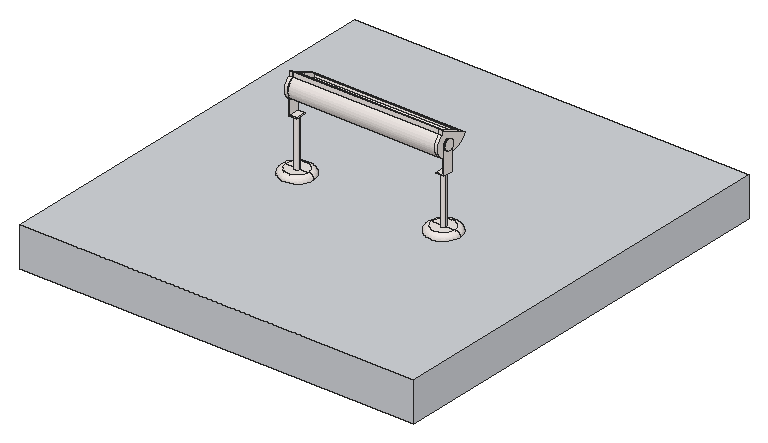
Revit family
Parameters
  Wiring Access Diameter = 0' - 0"
  Wattage Comments = "Wattage"
  Wattage = 16 W
  built-in parameter 1150110 = 1 (stored number, unit not read)
  Voltage = "Voltage"
  URL = "http://www.cooperlighting.com/"
  Supply Voltage = 0 V
  Series = "Series"
  Rotation Angle = 45.00°
  Options = Options : 45 Degree Cross Blade Louver
  Number of Poles = 1
  No of Circuits = 0
  Model = "Model"
  Light Angle [instance] = -(Angle + 90.00°) - 10.00°  # -55.00°
  Length = 2' - 0"
  Lamp = "Lamp"
  Housing Type = "Aluminum"  # constant formula
  Emit from Line Length = 2' - 0"
  Electrical Connector Description = ""
  Distribution = ""
  Diffusers/Shielding = ""
  Description = "Description"
  built-in parameter 1114217 = 1 (stored number, unit not read)
  Total Input Wattage = 0 W
  Tilt Angle = Rotation Angle  # 45.00°
  built-in parameter 1150109 = 1 (stored number, unit not read)
  built-in parameter 1150134 = 3
  built-in parameter 1150113 = 1 (stored number, unit not read)
  Shipping Weight = 0 lbf
  Product Page URL = ""
  Product Documentation Link = ""
  Power Factor = 0
  Photometric Web File = "File"
  Packaging = "Unit Pack"
  Manufacturer = "Cooper Industries, Inc."  # constant formula
  built-in parameter 1150105 = 189.13 (stored number, unit not read)
  Lumens = 2376.67 lm
  built-in parameter 1150115 = 1 (stored number, unit not read)
  built-in parameter 1150137 = (empty or 0)
  built-in parameter 1150139 = (empty or 0)
  Light Bulb Material = Metal - Cooper Industries - Aluminum - White
  built-in parameter 1150112 = 1 (stored number, unit not read)
  Lamp Quantity = 1
  built-in parameter 1150114 = 1 (stored number, unit not read)
  built-in parameter 1150132 = (empty or 0)
  built-in parameter 1150102 = (empty or 0)
  built-in parameter 1150107 = 3200 (stored number, unit not read)
  built-in parameter 1150138 = (empty or 0)
  built-in parameter 1150106 = 1.8913 (stored number, unit not read)
  Has Biaxial Bulb = yes
  Frame Material = Metal - Cooper Industries - Steel - White
  Efficiency = ""
  built-in parameter 1150104 = 13.8 (stored number, unit not read)
  Dimming Lamp Color Temperature Shift = (empty or 0)
  Diffuser Material = Metal - Cooper Industries - Aluminum - White
  Default Elevation = 0' - 0"
  Copyright © = "© 2000-2010 Cooper Industries, Inc."  # constant formula
  Color Filter = 16777215
  Catalog Number = ""
  Bulb Biaxial Angle = 0.00°
  Ballast Voltage = Supply Voltage  # 0 V
  Ballast Type = ""
  Ballast Quantity = 0
  built-in parameter 1114218 = 1 (stored number, unit not read)
  Ballast Configuration = ""
  built-in parameter 1150133 = 10 (stored number, unit not read)
  Assembly Code = "D5020210"
  Apparent Load = Total Input Wattage  # 0 VA
  Angle [instance] = Rotation Angle - 90.00°  # -45.00°
  Adjst. Knuckle Ht. – See Spec [instance] = 1' - 0"
Reference planes (in)
  plane 1 "Center (Front/Back)": y = 0
  plane 2 "Host Face": z = 0
  plane 3 "Center (Left/Right)": x = 0
  plane 4: x = -12
  plane 5: x = 12
  plane 6: z = 8
  plane 7: x = -11.125
  plane 8: x = 11.125
  plane 9: z = 0.75
  plane 10: z = 12
  plane 11: y = 2.5
  plane 12: y = -2.5
Forms (in)
  Extrusion 1, solid
    sketch origin (0, 0, 0) x (1, 0, 0) y (0, 1, 0)
      loop
        line (-29, 33.25) -> (-29, -30.23967) -> (30.86026, -30.23967) -> (30.86026, 33.25) -> (-29, 33.25)
    from 0 to -6
  Revolve 2, solid, material "Metal - Cooper Industries - Steel - White" <- "Frame Material"
    sketch origin (0, 0, 0) x (1, 0, 0) y (0, 0, 1)
      loop
        line (-11.125, 0) -> (-11.125, 0.75) -> (-12.875, 0.75)
        arc (-12.875, 0.75) -> (-13.40533, 0.53033) -> (-13.625, 0) r 0.75
        line (-13.625, 0) -> (-11.125, 0)
      axis (-11.125, 0.75) -> (-11.125, 0)
    angle from 0 to 360
  Revolve 3, solid, material "Metal - Cooper Industries - Steel - White" <- "Frame Material"
    sketch origin (0, 0, 0) x (-1, 0, 0) y (0, 0, 1)
      loop
        line (-11.125, 0) -> (-11.125, 0.75) -> (-12.875, 0.75)
        arc (-12.875, 0.75) -> (-13.40533, 0.53033) -> (-13.625, 0) r 0.75
        line (-13.625, 0) -> (-11.125, 0)
      axis (-11.125, 0.75) -> (-11.125, 0)
    angle from 0 to 360
  Extrusion 4, solid, material "Metal - Cooper Industries - Steel - White" <- "Frame Material"
    sketch origin (0, 0, 0) x (1, 0, 0) y (0, 1, 0)
      loop
        circle (-11.125, 0) r 0.375
      loop
        circle (11.125, 0) r 0.375
    from 0.75 to 8
Lines and regions (in)
  Masking region 1
    outline origin (0, 0, 0) x (1, 0, 0) y (0, 1, 0)
      loop
        line (-12, -2.5) -> (12, -2.5) -> (12, 2.5) -> (-12, 2.5) -> (-12, -2.5)
  symbolic lines
    curve 1: line (-12, -2.5, 0) -> (12, -2.5, 0)
    curve 2: line (-12, 2.5, 0) -> (-12, -2.5, 0)
    curve 3: line (12, 2.5, 0) -> (-12, 2.5, 0)
    curve 4: line (12, -2.5, 0) -> (12, 2.5, 0)
Dimensions and locks (in)
  "Length": plane 4 to plane 5
  equal spacing: plane 4, plane 3 "Center (Left/Right)", plane 5
  locked: plane 4 to plane 7 at 0.875
  locked: plane 8 to plane 5 at 0.875
  plane 9 to Extrusion 1 = 0' - 0 3/4"
  locked: plane 10 to plane 6 at 4
  "Adjst. Knuckle Ht. – See Spec": plane 10 to plane 2 "Host Face"
  plane 11 to plane 1 "Center (Front/Back)" to plane 12 = 0' - 2 1/2" locked, 0' - 2 1/2" locked
  aligned and locked: plane 2 "Host Face" to Extrusion 1
  aligned and locked: level to Extrusion 1
  aligned: imposter light to plane 1 "Center (Front/Back)"
  aligned: imposter light to plane 3 "Center (Left/Right)"  (x3)
  aligned and locked: Revolve 2 sketch curve to plane 7  (x2)
  aligned and locked: Revolve 2 sketch curve to plane 9
  aligned and locked: Extrusion 1 to Revolve 2 sketch curve
  aligned and locked: plane 8 to Revolve 3 sketch curve  (x2)
  aligned and locked: plane 9 to Revolve 3 sketch curve
  aligned and locked: Revolve 3 sketch curve to Extrusion 1
  aligned and locked: plane 6 to Extrusion 4
  aligned and locked: Extrusion 4 to plane 9
  aligned and locked: imposter light to plane 10
  aligned and locked: plane 1 "Center (Front/Back)" to imposter light
  aligned and locked: nested 1 to curve 1
  aligned and locked: curve 1 to nested 1
  aligned and locked: curve 4 to nested 1
  aligned and locked: curve 4 to plane 5
  aligned and locked: nested 1 to Masking region 1 sketch curve
  aligned and locked: Masking region 1 sketch curve to nested 1  (x2)
  aligned and locked: Masking region 1 sketch curve to curve 4
Automatic sketch dimensions
  Extrusion 1 sketch curve to Extrusion 1 sketch curve = 4' - 11.86026"
  Extrusion 1 sketch curve to Extrusion 1 sketch curve = 5' - 3.48967"
  plane 4 to Revolve 2 sketch curve = 0' - 0 7/8"
  Revolve 2 sketch curve to level = 0' - 3.74661"
  Revolve 2 sketch curve to Revolve 2 sketch curve = 0' - 5.13051"
  plane 5 to Revolve 3 sketch curve = 0' - 0 7/8"
  level to Revolve 3 sketch curve = 0' - 3.74661"
  Revolve 3 sketch curve to Revolve 3 sketch curve = 0' - 5.13051"
  plane 1 "Center (Front/Back)" to Extrusion 4 sketch curve = 0' - 0"  (x2)
  Extrusion 4 sketch curve to plane 7 = 0' - 0"
  Extrusion 4 sketch curve to plane 8 = 0' - 0"
  radius of Extrusion 4 sketch curve = 0' - 0 3/8"  (x2)
Nested families (in)
  nested 1: "C-Scroll Small" at (0, 0, 8), Rotation Angle <- "Rotation Angle", type "C-Scroll Small"
    with Rotation Angle 45.00°, Light Angle -55.00°, Angle -45.00°
Connectors (in)
  electrical at (0, 0, 0), driven by "Power Factor", driven by "Apparent Load", driven by "Supply Voltage", driven by "Number of Poles", driven by "Electrical Connector Description"
    settings: index 1
Definition of nested family "C-Scroll Small"
  Parameters (values of type "C-Scroll Small")
    Wattage Comments = "Wattage"
    URL = "http://www.cooperlighting.com/"
    Rotation Angle [instance] = 0.00°
    Model = "Model"
    Light Angle [instance] = -(Angle + 90.00°) - 10.00°  # -10.00°
    Length = 2' - 0"
    Lamp = "Lamp"
    Emit Shape Visible in Rendering = no
    Description = "Description"
    Manufacturer = "Cooper Industries, Inc."  # constant formula
    Light Bulb Material = Metal - Cooper Industries - Aluminum - White
    Frame Material = Metal - Cooper Industries - Steel - White
    Diffuser Material = Metal - Cooper Industries - Aluminum - White
    Default Elevation = 0' - 0"
    Assembly Code = "D5020210"
    Apparent Load = 0 VA
    Angle [instance] = Rotation Angle - 90.00°  # -90.00°
  Reference planes (in)
    plane 1 "Center (Front/Back)": y = 0
    plane 2 "Host Face": z = 0
    plane 3 "Center (Left/Right)": x = 0
    plane 4: y = 2.5
    plane 5: y = -2.5
    plane 6: x = -12
    plane 7: x = 12
    plane 8: z = 4
    plane 9: x = 11.75
    plane 10: x = 11.625
    plane 11: x = -11.75
    plane 12: x = -11.625
    plane 13: x = 11.125
    plane 14: x = -11.125
    plane 15: x = -10.625
    plane 16: x = 10.625
  Forms (in)
    Extrusion 1, solid
      sketch origin (0, 0, 0) x (1, 0, 0) y (0, 1, 0)
        loop
          line (-29, 33.25) -> (-29, -30.23967) -> (30.86026, -30.23967) -> (30.86026, 33.25) -> (-29, 33.25)
      from 0 to -6
    Extrusion 2, solid, material "Metal - Cooper Industries - Steel - White" <- "Frame Material"
      sketch origin (0, 0, -1.25) x (0, 1, 0) y (0, 0, 1)
        loop
          circle (0, 5.25) r 0.75
      from 11.75 to 12
    Extrusion 3, solid, material "Metal - Cooper Industries - Steel - White" <- "Frame Material"
      sketch origin (0, 0, -1.25) x (0, 1, 0) y (0, 0, -1)
        loop
          circle (0, -5.25) r 0.75
      from 11.75 to 12
    Sweep 4, solid, material "Metal - Cooper Industries - Steel - White" <- "Frame Material"
      path origin (0, 0, -1.25) x (1, 0, 0) y (0, 0, 1)
        loop
          line (-11.625, 5.25) -> (-11.125, 5.25)
      profile "Family8 : Family8" origin (-11.375, 0, 4) x (0, 0, 1) y (0, -1, 0)
        loop
          line (-1.43101, 1.02449) -> (-1.2931, 0.92485)
          arc (-1.2931, 0.92485) -> (-2.17432, -0.50379) -> (-2.52236, -2.14586) r 4.90596
          line (-2.52236, -2.14586) -> (-2.29358, -2.58479) -> (2.1121, -0.99407)
          arc (2.1121, -0.99407) -> (1.89024, -0.75427) -> (1.65678, -0.52574) r 6.59714
          arc (1.65678, -0.52574) -> (0.77268, 1.56359) -> (-1.43101, 1.02449) r 1.75
    Sweep 5, solid, material "Metal - Cooper Industries - Steel - White" <- "Frame Material"
      path origin (21.625, 0, -1.25) x (1, 0, 0) y (0, 0, 1)
        loop
          line (-10.5, 5.25) -> (-10, 5.25)
      profile "Family8 : Family8" origin (11.375, 0, 4) x (0, 0, 1) y (0, -1, 0)
        loop
          line (-1.43101, 1.02449) -> (-1.2931, 0.92485)
          arc (-1.2931, 0.92485) -> (-2.17432, -0.50379) -> (-2.52236, -2.14586) r 4.90596
          line (-2.52236, -2.14586) -> (-2.29358, -2.58479) -> (2.1121, -0.99407)
          arc (2.1121, -0.99407) -> (1.89024, -0.75427) -> (1.65678, -0.52574) r 6.59714
          arc (1.65678, -0.52574) -> (0.77268, 1.56359) -> (-1.43101, 1.02449) r 1.75
    Sweep 6, solid, material "Metal - Cooper Industries - Steel - White" <- "Frame Material"
      path origin (0, 0, -1.25) x (1, 0, 0) y (0, 0, 1)
        loop
          line (-11.125, 5.25) -> (11.125, 5.25)
      profile "9 : 9" origin (0, 0, 4) x (0, 0, 1) y (0, -1, 0)
        loop
          line (-1.43122, 1.0243) -> (-1.29331, 0.92467)
          arc (-1.29331, 0.92467) -> (-2.17453, -0.50397) -> (-2.52257, -2.14605) r 4.90596
          line (-2.52257, -2.14605) -> (-2.29379, -2.58498) -> (-1.75946, -2.39205) -> (-1.78884, -2.33569) -> (-2.26338, -2.50703) -> (-2.45898, -2.13177)
          arc (-2.45898, -2.13177) -> (-2.09985, -0.48743) -> (-1.19963, 0.9347) r 4.84297
          line (-1.19963, 0.9347) -> (-1.34231, 1.03778)
          arc (-1.34231, 1.03778) -> (0.78973, 1.48338) -> (1.58413, -0.5447) r 1.68701
          arc (1.58413, -0.5447) -> (1.79827, -0.75092) -> (2.00282, -0.96667) r 6.53415
          line (2.00282, -0.96667) -> (1.55578, -1.12808)
          arc (1.55578, -1.12808) -> (1.57955, -1.15294) -> (1.60317, -1.17794) r 6.09714
          line (1.60317, -1.17794) -> (2.1119, -0.99426)
          arc (2.1119, -0.99426) -> (1.89003, -0.75445) -> (1.65657, -0.52592) r 6.59714
          arc (1.65657, -0.52592) -> (0.77248, 1.5634) -> (-1.43122, 1.0243) r 1.75
    Sweep 7, solid, material "Metal - Cooper Industries - Aluminum - White" <- "Diffuser Material"
      path origin (0, 0, -1.25) x (1, 0, 0) y (0, 0, 1)
        loop
          line (-11.125, 5.25) -> (11.125, 5.25)
      profile "10 : 10" origin (0, 0, 4) x (0, 0, 1) y (0, -1, 0)
        loop
          line (1.55503, -1.12772) -> (-1.78959, -2.33533) -> (-1.76021, -2.3917) -> (1.60242, -1.17758)
          arc (1.60242, -1.17758) -> (1.5788, -1.15258) -> (1.55503, -1.12772) r 6.09714
    Extrusion 8, solid, material "Metal - Cooper Industries - Steel - White" <- "Frame Material"
      sketch origin (0, 0, 0) x (0, 1, 0) y (0, 0, 1)
        loop
          line (-0.75, 4) -> (-0.75, 0) -> (0.75, 0) -> (0.75, 4)
          arc (0.75, 4) -> (0, 4.75) -> (-0.75, 4) r 0.75
      from 11.625 to 11.75
    Extrusion 9, solid, material "Metal - Cooper Industries - Steel - White" <- "Frame Material"
      sketch origin (0, 0, 0) x (0, 1, 0) y (0, 0, 1)
        loop
          line (0.75, 0) -> (0.75, 4)
          arc (0.75, 4) -> (0, 4.75) -> (-0.75, 4) r 0.75
          line (-0.75, 4) -> (-0.75, 0) -> (0.75, 0)
      from -11.75 to -11.625
    Extrusion 10, solid, material "Metal - Cooper Industries - Steel - White" <- "Frame Material"
      sketch origin (0, 0, 0) x (1, 0, 0) y (0, 0, 1)
        loop
          line (-11.625, 0) -> (-10.625, 0) -> (-10.625, 0.125) -> (-11.625, 0.125) -> (-11.625, 0)
        loop
          line (10.625, 0) -> (11.625, 0) -> (11.625, 0.125) -> (10.625, 0.125) -> (10.625, 0)
      from -0.75 to 0.75
  Cuts and joins
    joined: Sweep 4, Sweep 5, Sweep 6
    joined: Extrusion 8, Extrusion 9, Extrusion 10
  Dimensions and locks (in)
    locked: plane 4 to plane 5 at 5
    equal spacing: plane 4, plane 1 "Center (Front/Back)", plane 5
    "Length": plane 6 to plane 7
    equal spacing: plane 6, plane 3 "Center (Left/Right)", plane 7
    plane 7 to plane 9 to plane 10 = 0' - 0 1/4" locked, 0' - 0 1/8" locked
    plane 6 to plane 11 to plane 12 = 0' - 0 1/4" locked, 0' - 0 1/8" locked
    locked: plane 12 to plane 14 at 0.5
    locked: plane 10 to plane 13 at 0.5
    locked: plane 12 to plane 15 at 1
    locked: plane 10 to plane 16 at 1
    locked: Extrusion 10 sketch curve to Extrusion 1 at 0.125  (x2)
    aligned and locked: plane 2 "Host Face" to Extrusion 1
    aligned and locked: level to Extrusion 1
    aligned and locked: Extrusion 2 to plane 7
    aligned and locked: plane 6 to Extrusion 3
    aligned and locked: Extrusion 3 to plane 11
    aligned and locked: Sweep 4 sketch curve to plane 14
    aligned and locked: Sweep 4 sketch curve to plane 8
    aligned and locked: Sweep 5 sketch curve to plane 13
    aligned and locked: Sweep 5 sketch curve to plane 8
    aligned and locked: Sweep 6 sketch curve to plane 8
    aligned and locked: Sweep 5 to Sweep 6 sketch curve
    aligned and locked: Sweep 4 to Sweep 6 sketch curve
    aligned and locked: Sweep 7 sketch curve to plane 8
    aligned and locked: Sweep 7 sketch curve to plane 14
    aligned and locked: Sweep 7 sketch curve to plane 13
    aligned and locked: Extrusion 2 to plane 9
    aligned and locked: Extrusion 8 sketch curve to Extrusion 3
    aligned and locked: plane 9 to Extrusion 8
    aligned and locked: Extrusion 8 to plane 10
    aligned and locked: Extrusion 8 to Extrusion 9 sketch curve
    aligned and locked: Extrusion 9 sketch curve to Extrusion 3
    aligned and locked: plane 11 to Extrusion 9
    aligned and locked: Extrusion 9 to plane 12
    aligned and locked: Extrusion 1 to Extrusion 9 sketch curve
    aligned and locked: Extrusion 8 to plane 2 "Host Face"
    aligned and locked: Extrusion 10 sketch curve to plane 16
    aligned and locked: Extrusion 10 sketch curve to Extrusion 1  (x2)
    aligned and locked: plane 10 to Extrusion 10 sketch curve
    aligned and locked: plane 15 to Extrusion 10 sketch curve
    aligned and locked: plane 12 to Extrusion 10 sketch curve
    aligned and locked: Extrusion 8 to Extrusion 10
    aligned and locked: Extrusion 10 to Extrusion 8
  Automatic sketch dimensions
    Extrusion 1 sketch curve to Extrusion 1 sketch curve = 4' - 11.86026"
    Extrusion 1 sketch curve to Extrusion 1 sketch curve = 5' - 3.48967"
    Extrusion 2 sketch curve to plane 1 "Center (Front/Back)" = 0' - 0"
    Extrusion 2 sketch curve to plane 8 = 0' - 0"
    Extrusion 3 sketch curve to plane 1 "Center (Front/Back)" = 0' - 0"
    Extrusion 3 sketch curve to plane 8 = 0' - 0"
    plane 12 to Sweep 4 sketch curve = 0' - 0"
    Sweep 5 sketch curve to plane 10 = 0' - 0"
    Extrusion 8 sketch curve to level = 0' - 0"
    radius of Extrusion 2 sketch curve = 0' - 0 3/4"
    radius of Extrusion 3 sketch curve = 0' - 0 3/4"
